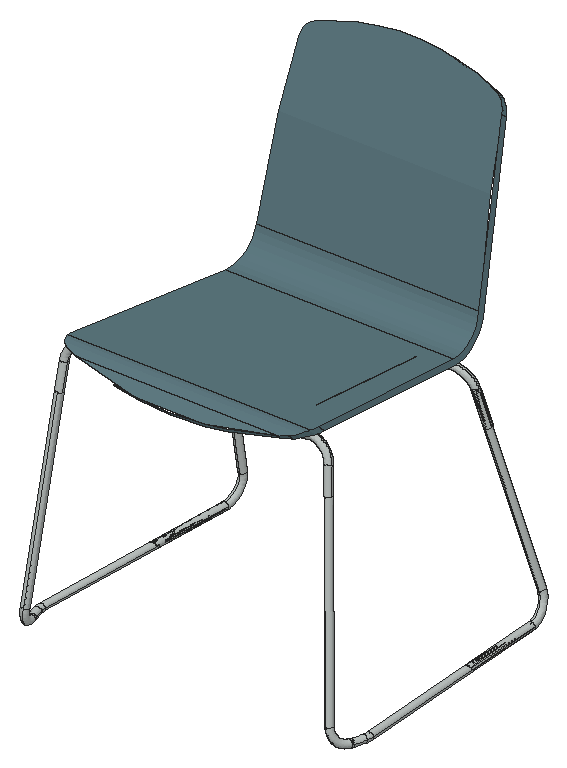
Revit family "FU_Chair_Sandler_Ann-1.4", category Furniture, Revit 2020
Family settings
  OmniClass Number = 23.40.20.00
  OmniClass Title = General Furniture and Specialties
  Work Plane-Based = No
  Always vertical = Yes
  Cut with Voids When Loaded = No
  Shared = No
  Room Calculation Point = No
Parameters (values of type "Ann 1.4")
  URL = "https://www.sandlerseating.com/product/ann-1-4/"
  Seat [instance] = Fabric - Mainline Flax - Pimlico MLF34
  Model = "Ann 1.4"
  Manufacturer = "Sandler"
  Frame [instance] = Epoxy - M1_Aluminum
  Description = "Fully upholstered side chair on steel sled base.  Stacks 8 on floor and 10 on a trolley."
  Default Elevation = 0 mm
Reference planes
  plane 1 "Center (Front/Back)": y = 0
  plane 2: z = 0
  plane 3 "Center (Left/Right)": x = 0
  plane 4: x = -285
  plane 5: x = 285
  plane 6: y = 265
  plane 7: y = -265
  plane 8: z = 470
  plane 9: z = 830
  plane 10 "3": through (-248.649, 45.251, 205.084) normal (0.9919, -0.0495, -0.1168)
Forms (mm)
  Sweep 1, solid, material "Epoxy - M1_Aluminum" <- "Frame"
    path origin (0, 0, 7) x (0, 1, 0) y (-1, 0, 0)
      loop
        line (183.279, 265.088) -> (-189.728, 283.716)
        arc (-189.728, 283.716) -> (-194.838, 283.535) -> (-199.842, 282.489) r 30
        line (-199.842, 282.489) -> (-220.262, 276.366)
    profile origin (-274.402, -3.225, 7) x (0.998755, -0.04988, 0) y (0, 0, 1)
      loop
        circle (0, 0) r 6
  Sweep 2, solid, material "Epoxy - M1_Aluminum" <- "Frame"
    path origin (-228.471, -208.804, 423.359) x (-0.089584, -0.108319, -0.990072) y (-0.286351, 0.954898, -0.078561)
      loop
        line (52.03, 0) -> (385, 0)
        arc (385, 0) -> (407.969, 9.514) -> (417.484, 32.484) r 32.484
        line (417.484, 32.484) -> (417.484, 36.539)
    profile origin (-248.046, -232.473, 207.014) x (-0.286351, 0.954898, -0.078561) y (0.953928, 0.27647, -0.11656)
      loop
        circle (0, 0) r 6
  Sweep 3, solid, material "Epoxy - M1_Aluminum" <- "Frame"
    path origin (-270.635, 13.516, 31.878) x (0.116692, -0.005828, 0.993151) y (-0.04988, -0.998755, 0)
      loop
        line (363.856, -102.948) -> (18.92, -200.8)
        arc (18.92, -200.8) -> (-11.816, -194.99) -> (-25.631, -166.925) r 35
        line (-25.631, -166.925) -> (-24.793, -23.192)
    profile origin (-240.727, 164.086, 221.955) x (0.079833, 0.959251, 0.271044) y (0.991915, -0.049538, -0.116837)
      loop
        circle (0, 0) r 6
  Sweep 4, solid, material "Epoxy - M1_Aluminum" <- "Frame"
    path origin (-124.561, -3.392, 0) x (-0.027225, 0.999629, 0) y (0, 0, 1)
      loop
        line (105.146, 417.524) -> (-200.843, 438.921)
    profile origin (-123.258, -51.223, 428.223) x (0.001899, -0.069731, -0.997564) y (0.999629, 0.027225, 0)
      loop
        circle (0, 0) r 6
  Sweep 5, solid, material "Epoxy - M1_Aluminum" <- "Frame"
    path origin (124.561, -3.392, 0) x (0.027225, 0.999629, 0) y (0, 0, -1)
      loop
        line (105.146, -417.524) -> (-200.843, -438.921)
    profile origin (123.258, -51.223, 428.223) x (0.001899, 0.069731, 0.997564) y (-0.999629, 0.027225, 0)
      loop
        circle (0, 0) r 6
  Sweep 6, solid, material "Epoxy - M1_Aluminum" <- "Frame"
    path origin (0, 117.25, 383.331) x (0, 0.275637, -0.961262) y (1, 0, 0)
      loop
        line (59.285, 230.291) -> (-4.904, 224.053)
        arc (-4.904, 224.053) -> (-27.437, 212.739) -> (-36.519, 189.217) r 35
        line (-36.519, 189.217) -> (-36.519, -189.217)
        arc (-36.519, -189.217) -> (-27.437, -212.739) -> (-4.904, -224.053) r 35
        line (-4.904, -224.053) -> (59.285, -230.291)
    profile origin (-227.172, 124.745, 357.194) x (0.995312, 0.02666, -0.092974) y (0, -0.961262, -0.275637)
      loop
        circle (0, 0) r 6
  Sweep 7, solid, material "Epoxy - M1_Aluminum" <- "Frame"
    path origin (0, -208.654, 423.97) x (0, -0.104528, -0.994522) y (1, 0, 0)
      loop
        line (52.243, 232.507) -> (5.662, 228.432)
        arc (5.662, 228.432) -> (-19.154, 214.742) -> (-25.697, 187.166) r 35
        arc (-25.697, 187.166) -> (-8.47, 0.01) -> (-25.804, -187.137) r 1022.099
        arc (-25.804, -187.137) -> (-19.27, -214.724) -> (5.552, -228.422) r 35
        line (5.552, -228.422) -> (52.243, -232.507)
    profile origin (-230.464, -211.674, 395.23) x (0.996195, -0.00911, -0.086678) y (0, -0.994522, 0.104528)
      loop
        circle (0, 0) r 6
  Sweep 8, solid, material "Epoxy - M1_Aluminum" <- "Frame"
    path origin (0, 0, 7) x (0, 1, 0) y (-1, 0, 0)
      loop
        line (183.279, -265.088) -> (-189.728, -283.716)
        arc (-189.728, -283.716) -> (-194.838, -283.535) -> (-199.842, -282.489) r 30
        line (-199.842, -282.489) -> (-220.262, -276.366)
    profile origin (274.402, -3.225, 7) x (0.998755, 0.04988, 0) y (0, 0, 1)
      loop
        circle (0, 0) r 6
  Sweep 9, solid, material "Epoxy - M1_Aluminum" <- "Frame"
    path origin (228.471, -208.804, 423.359) x (0.089584, -0.108319, -0.990072) y (-0.286351, -0.954898, 0.078561)
      loop
        line (52.03, 0) -> (385, 0)
        arc (385, 0) -> (407.969, -9.514) -> (417.484, -32.484) r 32.484
        line (417.484, -32.484) -> (417.484, -36.539)
    profile origin (248.046, -232.473, 207.014) x (-0.286351, -0.954898, 0.078561) y (-0.953928, 0.27647, -0.11656)
      loop
        circle (0, 0) r 6
  Sweep 10, solid, material "Epoxy - M1_Aluminum" <- "Frame"
    path origin (270.635, 13.516, 31.878) x (-0.116692, -0.005828, 0.993151) y (-0.04988, 0.998755, 0)
      loop
        line (363.856, 102.948) -> (18.92, 200.8)
        arc (18.92, 200.8) -> (-11.816, 194.99) -> (-25.631, 166.925) r 35
        line (-25.631, 166.925) -> (-24.793, 23.192)
    profile origin (240.727, 164.086, 221.955) x (0.079833, -0.959251, -0.271044) y (-0.991915, -0.049538, -0.116837)
      loop
        circle (0, 0) r 6
  Extrusion 11, solid, material "Fabric - Mainline Flax - Pimlico MLF34" <- "Seat"
    sketch origin (0, 0, -5) x (0, 1, 0) y (0, 0, 1)
      loop
        arc (275.076, 830) -> (272.572, 836.613) -> (265.959, 834.109) r 5
        arc (265.959, 834.109) -> (202.053, 662.691) -> (161.474, 484.306) r 1374.728
        arc (161.474, 484.306) -> (140.428, 449.119) -> (100.888, 438.268) r 55
        line (100.888, 438.268) -> (-225.589, 475.69)
        arc (-225.589, 475.69) -> (-239.65, 474.436) -> (-252.072, 467.73) r 35
        line (-252.072, 467.73) -> (-282.714, 442.018)
        arc (-282.714, 442.018) -> (-284.645, 435.778) -> (-279.759, 431.443) r 6.028
        line (-279.759, 431.443) -> (-245.644, 460.069)
        arc (-245.644, 460.069) -> (-236.771, 464.86) -> (-226.728, 465.755) r 25
        line (-226.728, 465.755) -> (99.749, 428.334)
        arc (99.749, 428.334) -> (146.478, 441.157) -> (171.351, 482.742) r 65
        arc (171.351, 482.742) -> (211.635, 659.829) -> (275.076, 830) r 1364.728
    from -260.948 to 250
  Extrusion 12, void
    sketch origin (0, -658.74, 658.74) x (0, 0.707107, 0.707107) y (-1, 0, 0)
      loop
        line (1050.327, 467.403) -> (-69.673, 467.403) -> (-69.673, -532.597) -> (1050.327, -532.597) -> (1050.327, 467.403)
      loop
        line (689.965, 175.683) -> (185.017, 210.992)
        arc (185.017, 210.992) -> (166.331, 206.059) -> (154.532, 190.753) r 30
        arc (154.532, 190.753) -> (122.596, 0.15) -> (153.314, -190.653) r 596.122
        arc (153.314, -190.653) -> (165.095, -206.087) -> (183.86, -211.073) r 30
        line (183.86, -211.073) -> (692.149, -175.53)
        arc (692.149, -175.53) -> (708.327, -169.398) -> (718.428, -155.352) r 30
        arc (718.428, -155.352) -> (743.855, 0.488) -> (716.095, 155.929) r 468.751
        arc (716.095, 155.929) -> (705.964, 169.687) -> (689.965, 175.683) r 30
    from -801.851 to 250
Cuts and joins
  Extrusion 12 cuts Extrusion 11
Dimensions and locks
  plane 4 to plane 3 "Center (Left/Right)" to plane 5 = 285 mm, 285 mm
  plane 6 to plane 1 "Center (Front/Back)" to plane 7 = 265 mm, 265 mm
  aligned and locked: level to plane 2
